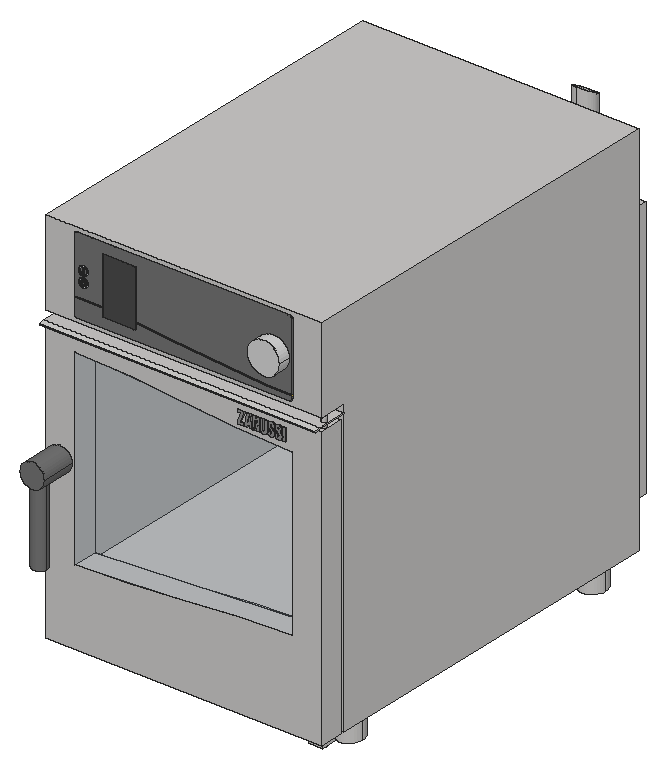
Revit family "QF_ZANUSSI_240010_ZCD061WD", category Attrezzature speciali, Revit 2023
Family settings
  Quota connettore circolare = Usa diametro
  Tipo di parte = Normale
  Basato su piano di lavoro = No
  Attiva taglio nelle viste = No
  Sempre verticale = Sì
  Taglio con vuoti quando caricato = No
  Mantieni orientamento annotazione = No
  Condiviso = Sì
  Punto di calcolo locali = No
Parameters (values of type "268252_ELECTR. COMBI OVEN 10 GN1/1 B LW-400V MAR")
  Weight = 72.00 lbm
  Watts = 0 W
  Volts = 380 V
  URL Manufacturer = "http://www.zanussiprofessional.com"
  URL = "http://www.zanussiprofessional.com"
  Steam Supply Size = 0"
  Steam Supply Minimum Pressure = 0.00 psi
  Steam Supply Maximum Pressure = 0.00 psi
  Steam Pounds per Hour = 0
  Show Logo [instance] = yes
  Refrigeration Suction Line Size = 0"
  Refrigeration Liquid Line Size = 0"
  Refrigerant Compressor Remote = yes
  Phase = 3
  Modello = "ZCD061WL"
  Produttore = "Zanussi"
  Length Actual = 519.00 mm
  Item Number = "240008"
  Hot Water Size = 3/4"
  Height Actual = 770.00 mm
  HP = "9.3 HP"
  Gas Size = 0"
  Gas KW = 0
  Gas Input Pressure = 0.0 Btu/h
  Direct Waste Size = 1.5748"
  Descrizione = "COMPACT 6GN1/1 EL. DIGITAL OVEN - W CLEANING - LEFT HINGED DOOR"
  Show Clearance [instance] = yes
  Depth Actual = 803.00 mm
  Prospetto di default = 0.00 mm
  Cycle = 50 Hz
  Condensate Return Size = 0"
  Compressed Air Volume = 0 GPM
  Compressed Air Size = 0"
  Compressed Air Pressure = 0.00 psi
  Cold Water Size = 3/4"
  Assembly Code = ""
  Accessory = no
Reference planes
  plane 1 "BACK": y = -93.694
  plane 2: z = 0
  plane 3 "LEFT": x = 197.931
  plane 4 "RIGHT": x = 717.531
  plane 5 "FRONT": y = -896.694
  plane 6 "TOP": z = 1670
  plane 7: z = 900
  plane 8: x = 457.731
  plane 9: y = -495.194
  plane 10: x = 247.731
  plane 11: x = 667.731
  plane 12: y = -195.694
  plane 13: y = -768.694
  plane 14: z = 997.5
Forms (mm)
  Extrusion 1, solid, material "QF_Finishes_Stainless Steel"
    sketch origin (992.981, 325.437, 900) x (-1, 0, 0) y (0, 0, -1)
      loop
        line (795.05, -609.932) -> (795.05, -56) -> (275.45, -56) -> (275.45, -609.932) -> (795.05, -609.932)
    from 474.534 to 1169.9
  Extrusion 2, solid, material "QF_Finishes_Stainless Steel"
    sketch origin (992.981, 325.437, 1000) x (-1, 0, 0) y (0, 0, -1)
      loop
        line (795.05, -670) -> (795.05, -510) -> (275.45, -510) -> (275.45, -670) -> (795.05, -670)
    from 474.534 to 1222.131
  Extrusion 3, solid, material "QF_Finishes_Stainless Steel"
    sketch origin (992.981, 385.437, 900) x (-1, 0, 0) y (0, 0, -1)
      loop
        line (763.47, -610) -> (763.47, -117) -> (307.03, -117) -> (307.03, -610) -> (763.47, -610)
    from 479.131 to 534.534
  Extrusion 4, void
    sketch origin (992.981, -844.463, 900) x (1, 0, 0) y (0, 0, -1)
      loop
        line (-755.05, -176.885) -> (-755.05, -577.763) -> (-315.45, -577.763) -> (-315.45, -176.885) -> (-755.05, -176.885)
    from 0 to 630
  Extrusion 5, solid, material "QF_Finishes_Stainless Steel"
    sketch origin (992.981, -149.096, 900) x (1, 0, 0) y (0, 0, -1)
      loop
        circle (-755.05, -649) r 14.886
    from 0 to 29
  Revolve 6, solid, material "QF_Finishes_Stainless Steel"
    sketch origin (593.311, -76.243, 1219.2) x (0, 1, 0) y (0, 0, 1)
      loop
        line (-64.458, 299.515) -> (-69.467, 299.515) -> (-69.467, 296.517) -> (-65.763, 296.517) -> (-69.294, 290.8) -> (-44.475, 290.8) -> (-44.475, 299.515) -> (-61.458, 299.515) -> (-61.458, 472.713) -> (-64.458, 472.713) -> (-64.458, 299.515)
      axis (-44.475, 290.8) -> (-44.475, 472.713)
    angle from 0 to 360
  Extrusion 7, void
    sketch origin (593.311, -76.243, 1219.2) x (0, -1, 0) y (0, 0, 1)
      loop
        line (64.458, 472.713) -> (24.492, 472.713) -> (24.492, 449.608) -> (64.458, 472.713)
    from -26.679 to 26.627
  Extrusion 8, solid, material "QF_Finishes_Stainless Steel"
    sketch origin (992.981, -149.096, 900) x (1, 0, 0) y (0, 0, -1)
      loop
        line (-298.761, -696.707) -> (-298.761, -620.937) -> (-503.318, -620.937) -> (-503.318, -696.707) -> (-298.761, -696.707)
    from 0 to 12.487
  Extrusion 9, solid, material "QF_Finishes_Stainless Steel"
    sketch origin (229.511, 385.437, 1017) x (0, -1, 0) y (-1, 0, 0)
      loop
        circle (500.131, -268.42) r 15
    from 0 to 19.537
  Extrusion 10, solid, material "QF_Finishes_Stainless Steel"
    sketch origin (-77.519, 285.437, 900) x (1, 0, 0) y (0, 0, 1)
      loop
        line (795.05, 585) -> (275.45, 585) -> (275.45, 56) -> (795.05, 56) -> (795.05, 585)
      loop
        line (740.697, 221.885) -> (740.697, 532.84)
        spline (740.697, 532.84) -> (706.434, 533.352) -> (672.172, 534.72) -> (637.91, 536.775) -> (603.649, 539.343) -> (569.387, 542.254) -> (535.127, 545.336) -> (500.866, 548.418) -> (466.604, 551.329) -> (432.343, 553.897) -> (398.081, 555.951) -> (363.819, 557.32) -> (329.556, 557.832)
        line (329.556, 557.832) -> (329.556, 196.893)
        spline (329.556, 196.893) -> (363.819, 197.405) -> (398.081, 198.774) -> (432.343, 200.828) -> (466.604, 203.396) -> (500.866, 206.307) -> (535.127, 209.389) -> (569.387, 212.471) -> (603.649, 215.382) -> (637.91, 217.95) -> (672.172, 220.004) -> (706.434, 221.373) -> (740.697, 221.885)
    from 1135.685 to 1182.131
  Extrusion 11, solid, material "QF_Finishes_Stainless Steel"
    sketch origin (717.531, 0, 0) x (0, 1, 0) y (0, 0, -1)
      loop
        line (-844.463, -1493.212) -> (-901.466, -1493.212) -> (-910.849, -1489.825) -> (-911.508, -1491.664) -> (-901.849, -1495.222) -> (-844.463, -1495.222) -> (-844.463, -1493.212)
    from 0 to 519.16
  Extrusion 12, solid, material "QF_Finishes_Glass"
    sketch origin (-105.148, 285.437, 947.855) x (1, 0, 0) y (0, 0, 1)
      loop
        line (768.326, 174.03) -> (768.326, 484.984)
        spline (768.326, 484.984) -> (734.063, 485.496) -> (699.801, 486.865) -> (665.539, 488.919) -> (631.278, 491.487) -> (597.017, 494.398) -> (562.756, 497.48) -> (528.495, 500.563) -> (494.234, 503.474) -> (459.972, 506.042) -> (425.711, 508.096) -> (391.448, 509.465) -> (357.185, 509.977)
        line (357.185, 509.977) -> (357.185, 149.038)
        spline (357.185, 149.038) -> (391.448, 149.55) -> (425.711, 150.918) -> (459.972, 152.972) -> (494.234, 155.541) -> (528.495, 158.451) -> (562.756, 161.534) -> (597.017, 164.616) -> (631.278, 167.527) -> (665.539, 170.095) -> (699.801, 172.149) -> (734.063, 173.518) -> (768.326, 174.03)
    from 1135.685 to 1182.131
  Extrusion 13, solid, material "QF_Door-Drawer Clearances", visible <- "Show Clearance", detail levels coarse
    sketch origin (915.462, 0, 0) x (-1, 0, 0) y (0, -1, 0)
      loop
        arc (717.531, 896.694) -> (542.616, 1219.99) -> (197.931, 1347.694) r 521.696
        line (197.931, 1347.694) -> (197.931, 896.694) -> (717.531, 896.694)
    from 956 to 1485
  Extrusion 14, solid, material "QF_Finishes_Rubber Black"
    sketch origin (-77.519, -896.694, 900) x (1, 0, 0) y (0, 0, 1)
      loop
        circle (301.755, 366.761) r 22.998
    from 0 to 65
  Extrusion 15, solid, material "QF_Finishes_Rubber Black"
    sketch origin (915.462, 0, 0) x (-1, 0, 0) y (0, -1, 0)
      loop
        circle (691.226, 944.148) r 14
    from 1105.756 to 1264.985
  Extrusion 16, solid, material "QF_Finishes_Stainless Steel"
    sketch origin (717.311, 325.437, 956) x (0, 1, 0) y (1, 0, 0)
      loop
        line (-1113.369, -77.066) -> (-1113.369, -69.925)
        arc (-1113.369, -69.925) -> (-1122.131, -49.58) -> (-1113.369, -29.235) r 28
        line (-1113.369, -29.235) -> (-1113.369, -17.065) -> (-1172.348, -17.065) -> (-1188.327, -1.085) -> (-1218.346, -1.085) -> (-1218.346, -26.095) -> (-1167.374, -77.066) -> (-1113.369, -77.066)
      loop
        circle (-1206.361, -8.07) r 5
    from 3.018 to 7.039
  Extrusion 17, solid, material "QF_Finishes_Stainless Steel"
    sketch origin (717.311, 325.437, 952.982) x (0, 1, 0) y (-1, 0, 0)
      loop
        line (-1113.369, 17.065) -> (-1113.369, 29.235)
        arc (-1113.369, 29.235) -> (-1122.131, 49.58) -> (-1113.369, 69.925) r 28
        line (-1113.369, 69.925) -> (-1113.369, 77.066) -> (-1153.603, 77.066) -> (-1153.603, 17.065) -> (-1113.369, 17.065)
    from 0 to 3.018
  Extrusion 18, solid, material "QF_Finishes_Stainless Steel"
    sketch origin (717.311, 325.437, 948.961) x (-1, 0, 0) y (0, 1, 0)
      loop
        circle (8.07, -1206.361) r 5
    from 2.998 to -7.02
  Extrusion 19, solid, material "QF_Finishes_Stainless Steel"
    sketch origin (717.311, 325.437, 948.961) x (-1, 0, 0) y (0, 1, 0)
      loop
        circle (8.07, -1206.361) r 5
    from -536.039 to -554.057
  Extrusion 20, solid, material "QF_Finishes_Handrails and Railings"
    sketch origin (985.537, -896.694, 996.743) x (-1, 0, 0) y (0, 0, -1)
      loop
        circle (358.271, -592.209) r 30
    from 1 to 23.539
Cuts and joins
  Extrusion 4 cuts Extrusion 1
  Extrusion 4 cuts Extrusion 2
  Extrusion 4 cuts Extrusion 3
  Extrusion 7 cuts Revolve 6
  joined: Extrusion 1, Extrusion 2, Extrusion 3, Extrusion 5, Revolve 6, Extrusion 8, Extrusion 9
Lines and regions (mm)
  Split face 1
    outline origin (-77.519, -896.694, 900) x (1, 0, 0) y (0, 0, 1)
      loop
        spline (329.556, 557.832) -> (363.819, 557.32) -> (398.081, 555.951) -> (432.343, 553.897) -> (466.604, 551.329) -> (500.866, 548.418) -> (535.127, 545.336) -> (569.387, 542.254) -> (603.649, 539.343) -> (637.91, 536.775) -> (672.172, 534.72) -> (706.434, 533.352) -> (740.697, 532.84)
        line (740.697, 532.84) -> (740.697, 577.832) -> (329.556, 577.832) -> (329.556, 557.832)
  Split face 2
    outline origin (-77.519, -896.694, 900) x (1, 0, 0) y (0, 0, 1)
      loop
        line (740.697, 201.885) -> (740.697, 221.885)
        spline (740.697, 221.885) -> (706.434, 221.373) -> (672.172, 220.004) -> (637.91, 217.95) -> (603.649, 215.382) -> (569.387, 212.471) -> (535.127, 209.389) -> (500.866, 206.307) -> (466.604, 203.396) -> (432.343, 200.828) -> (398.081, 198.774) -> (363.819, 197.405) -> (329.556, 196.893)
        line (329.556, 196.893) -> (329.556, 176.893)
        spline (329.556, 176.893) -> (363.819, 177.405) -> (398.081, 178.774) -> (432.343, 180.828) -> (466.604, 183.396) -> (500.866, 186.307) -> (535.127, 189.389) -> (569.387, 192.471) -> (603.649, 195.382) -> (637.91, 197.95) -> (672.172, 200.004) -> (706.434, 201.373) -> (740.697, 201.885)
  symbolic lines
    curve 1: line (197.931, -149.096, 0) -> (717.531, -149.096, 0)
    curve 2: line (197.931, -896.694, 0) -> (197.931, -149.096, 0)
    curve 3: line (717.531, -149.096, 0) -> (717.531, -896.694, 0)
    curve 4: line (223.045, -120.096, 0) -> (252.817, -120.096, 0)
    curve 5: line (223.045, -149.096, 0) -> (223.045, -120.096, 0)
    curve 6: line (252.817, -120.096, 0) -> (252.817, -149.096, 0)
    curve 7: line (229.511, -93.694, 0) -> (229.511, -120.096, 0)
    curve 8: line (229.511, -93.694, 0) -> (685.951, -93.694, 0)
    curve 9: line (685.951, -93.694, 0) -> (685.951, -136.609, 0)
    curve 10: line (694.22, -136.609, 0) -> (694.22, -149.096, 0)
    curve 11: line (694.22, -136.609, 0) -> (605.647, -136.609, 0)
    curve 12: line (581.195, -136.609, 0) -> (489.443, -136.609, 0)
    curve 13: line (489.443, -136.609, 0) -> (489.443, -149.096, 0)
    curve 14: arc (574.022, -136.609, 0) -> (593.311, -95.726, 0) -> (612.6, -136.609, 0) r 24.992
    curve 15: circle (593.311, -120.718, 0) r 19.983 normal (0, 0, -1)
    curve 16: circle (593.311, -120.718, 0) r 16.983 normal (0, 0, -1)
    curve 17: line (197.931, -896.694, 0) -> (717.531, -896.694, 0)
    curve 21: line (247.235, -961.694, 0) -> (201.238, -961.694, 0)
    curve 22: line (247.235, -896.694, 0) -> (247.235, -961.694, 0)
    curve 23: line (201.238, -961.694, 0) -> (201.238, -896.694, 0)
    curve 25: line (597.266, -920.232, 0) -> (657.266, -920.232, 0)
    curve 26: line (597.266, -896.694, 0) -> (597.266, -920.232, 0)
    curve 27: line (657.266, -920.232, 0) -> (657.266, -896.694, 0)
  symbolic lines, style "QF_Door Swings", visible <- "Show Clearance", detail levels coarse
    curve 18: line (717.531, -896.694, 0) -> (717.531, -1347.694, 0)
    curve 19: arc (717.531, -1347.694, 0) -> (398.732, -1240.915, 0) -> (211.461, -961.694, 0) r 521.192
    curve 20: line (682.531, -896.694, 0) -> (682.531, -1346.7, 0)
  symbolic lines, style "QF_Door Swings"
    curve 24: arc (201.238, -917.797, 0) -> (199.477, -907.262, 0) -> (197.931, -896.694, 0) r 521.628
Dimensions and locks
  plane 3 "LEFT" to plane 4 "RIGHT" = 519.60 mm
  plane 5 "FRONT" to plane 1 "BACK" = 803.00 mm
  plane 4 "RIGHT" to plane 3 "LEFT" = 519.60 mm
  equal spacing: plane 3 "LEFT", plane 8, plane 4 "RIGHT"
  equal spacing: plane 5 "FRONT", plane 9, plane 1 "BACK"
  locked: plane 10 to plane 3 "LEFT" at 49.8
  locked: plane 4 "RIGHT" to plane 11 at 49.8
  plane 1 "BACK" to plane 12 to plane 13 = 102.00 mm locked, 573.00 mm locked
  Extrusion 5 sketch curve to plane 3 "LEFT" = 40.00 mm
  Extrusion 5 sketch curve to plane 7 = 649.00 mm
  plane 3 "LEFT" to Extrusion 9 sketch curve = 300.00 mm
  Extrusion 9 sketch curve to plane 1 "BACK" = 21.00 mm
  aligned and locked: level to plane 2
  aligned and locked: Extrusion 1 to plane 3 "LEFT"
  aligned and locked: plane 4 "RIGHT" to Extrusion 1
  aligned and locked: plane 10 to nested 2
  aligned and locked: plane 11 to nested 1
  aligned and locked: plane 12 to nested 2
  aligned and locked: plane 12 to nested 1
  aligned and locked: plane 7 to nested 2  (x3)
  aligned and locked: plane 7 to nested 1  (x2)
Automatic sketch dimensions
  Extrusion 3 sketch curve to plane 11 = 18.22 mm
  plane 10 to Extrusion 3 sketch curve = 18.22 mm
  Extrusion 3 sketch curve to plane 14 = 19.50 mm
  plane 6 "TOP" to Extrusion 3 sketch curve = 160.00 mm
  Revolve 6 sketch curve to plane 12 = 49.984 mm
  Revolve 6 sketch curve to Revolve 6 sketch curve = 0.173 mm
  Revolve 6 sketch curve to Revolve 6 sketch curve = 3.704 mm
  plane 6 "TOP" to Revolve 6 sketch curve = 21.913 mm
  plane 1 "BACK" to Revolve 6 sketch curve = 47.007 mm
  Revolve 6 sketch curve to Revolve 6 sketch curve = 3.00 mm
  Revolve 6 sketch curve to Revolve 6 sketch curve = 16.983 mm
  Revolve 6 sketch curve to plane 6 "TOP" = 151.285 mm
  Revolve 6 sketch curve to Revolve 6 sketch curve = 0.00 mm  (x3)
  Revolve 6 sketch curve to Revolve 6 sketch curve = 2.998 mm
  Revolve 6 sketch curve to Revolve 6 sketch curve = 8.715 mm
  Revolve 6 sketch curve to Revolve 6 sketch curve = 25.00 mm
  Extrusion 7 sketch curve to plane 6 "TOP" = 1.192 mm
  plane 1 "BACK" to Extrusion 7 sketch curve = 7.041 mm
  Extrusion 7 sketch curve to Extrusion 7 sketch curve = 39.966 mm
  plane 6 "TOP" to Extrusion 7 sketch curve = 21.913 mm
  plane 5 "FRONT" to Extrusion 11 sketch curve = 14.815 mm
  Extrusion 11 sketch curve to Extrusion 11 sketch curve = 0.659 mm
  plane 5 "FRONT" to Extrusion 11 sketch curve = 5.155 mm
  Extrusion 11 sketch curve to Extrusion 11 sketch curve = 0.383 mm
  Extrusion 11 sketch curve to plane 5 "FRONT" = 52.231 mm
  Extrusion 11 sketch curve to plane 6 "TOP" = 174.778 mm
  Extrusion 11 sketch curve to Extrusion 11 sketch curve = 2.011 mm
  Extrusion 11 sketch curve to Extrusion 11 sketch curve = 1.548 mm
  Extrusion 11 sketch curve to Extrusion 11 sketch curve = 1.838 mm
  plane 10 to Extrusion 12 sketch curve = 4.306 mm
  Extrusion 12 sketch curve to plane 11 = 4.553 mm
  plane 14 to Extrusion 12 sketch curve = 99.393 mm
  plane 14 to Extrusion 12 sketch curve = 124.385 mm
  Extrusion 12 sketch curve to plane 6 "TOP" = 237.16 mm
  Extrusion 12 sketch curve to plane 6 "TOP" = 212.168 mm
  Extrusion 14 sketch curve to plane 10 = 23.495 mm
  plane 14 to Extrusion 14 sketch curve = 269.261 mm
  Extrusion 15 sketch curve to plane 10 = 23.495 mm
  plane 5 "FRONT" to Extrusion 15 sketch curve = 47.454 mm
  Extrusion 20 sketch curve to plane 11 = 40.465 mm
  Extrusion 20 sketch curve to plane 6 "TOP" = 81.048 mm
  curve 14 to curve 15 = 0.00 mm  (x2)
  curve 14 to curve 16 = 0.00 mm  (x2)
  curve 15 to curve 16 = 0.00 mm  (x2)
  curve 19 to curve 24 = 0.00 mm  (x2)
  curve 24 to plane 3 "LEFT" = 0.00 mm
  plane 5 "FRONT" to curve 23 = 0.00 mm
  plane 1 "BACK" to curve 8 = 0.00 mm
  curve 19 to plane 4 "RIGHT" = 0.00 mm
  plane 3 "LEFT" to curve 21 = 3.307 mm
  curve 4 to plane 10 = 24.686 mm
  curve 8 to plane 10 = 18.22 mm
  curve 21 to plane 10 = 0.496 mm
  plane 10 to curve 6 = 5.086 mm
  plane 8 to curve 12 = 31.712 mm
  plane 1 "BACK" to curve 16 = 27.024 mm
  curve 16 to plane 11 = 74.42 mm
  plane 5 "FRONT" to curve 25 = 23.539 mm
  curve 25 to plane 11 = 70.465 mm
  curve 25 to plane 11 = 10.465 mm
  plane 11 to curve 9 = 18.22 mm
  curve 9 to curve 10 = 8.269 mm
  curve 19 to plane 4 "RIGHT" = 2.716 mm
  curve 21 to curve 22 = 65.00 mm
  curve 18 to curve 25 = 427.461 mm
  plane 13 to curve 19 = 57.816 mm
  curve 1 to plane 12 = 46.598 mm
  curve 10 to curve 10 = 12.487 mm
  curve 13 to curve 13 = 12.487 mm
  plane 1 "BACK" to curve 4 = 26.402 mm
  curve 14 to curve 14 = 19.289 mm
  curve 14 to curve 12 = 7.173 mm
  curve 11 to curve 14 = 6.953 mm
  plane 11 to curve 20 = 14.80 mm
  Extrusion 1 sketch curve to plane 4 "RIGHT" = 0.00 mm
  Extrusion 1 sketch curve to plane 3 "LEFT" = 0.00 mm
  plane 14 to Extrusion 1 sketch curve = 41.50 mm
  plane 6 "TOP" to Extrusion 1 sketch curve = 160.068 mm
  Extrusion 2 sketch curve to plane 4 "RIGHT" = 0.00 mm
  Extrusion 2 sketch curve to plane 3 "LEFT" = 0.00 mm
  Extrusion 2 sketch curve to plane 6 "TOP" = 0.00 mm
  plane 6 "TOP" to Extrusion 2 sketch curve = 160.00 mm
  Extrusion 4 sketch curve to Extrusion 1 = 40.00 mm  (x2)
  Extrusion 4 sketch curve to Extrusion 1 = 120.885 mm
  Extrusion 4 sketch curve to Extrusion 1 = 32.168 mm
  Extrusion 8 sketch curve to Extrusion 1 = 86.775 mm
  Extrusion 1 to Extrusion 8 sketch curve = 227.868 mm
  Extrusion 8 sketch curve to Extrusion 1 = 11.006 mm
  Extrusion 1 to Extrusion 8 sketch curve = 23.311 mm
  Extrusion 10 sketch curve to plane 3 "LEFT" = 0.00 mm
  Extrusion 10 sketch curve to plane 4 "RIGHT" = 0.00 mm
  plane 10 to Extrusion 10 sketch curve = 4.306 mm
  Extrusion 10 sketch curve to plane 11 = 4.553 mm
  Extrusion 10 sketch curve to plane 14 = 41.50 mm
  plane 14 to Extrusion 10 sketch curve = 99.393 mm
  plane 14 to Extrusion 10 sketch curve = 124.385 mm
  Extrusion 10 sketch curve to plane 6 "TOP" = 237.16 mm
  Extrusion 10 sketch curve to plane 6 "TOP" = 212.168 mm
  Extrusion 10 sketch curve to Extrusion 10 sketch curve = 52.16 mm
  Extrusion 13 sketch curve to plane 4 "RIGHT" = 0.00 mm
  Extrusion 13 sketch curve to plane 3 "LEFT" = 0.00 mm
  plane 5 "FRONT" to Extrusion 13 sketch curve = 0.00 mm
  plane 4 "RIGHT" to Extrusion 13 sketch curve = 2.716 mm
  Extrusion 13 sketch curve to plane 5 "FRONT" = 451.00 mm
  Split face 1 sketch curve to Extrusion 10 = 0.00 mm  (x2)
  Split face 1 sketch curve to Extrusion 10 = 52.16 mm
  Split face 1 sketch curve to Extrusion 10 = 27.168 mm
  Split face 1 sketch curve to Extrusion 10 = 7.168 mm
  Extrusion 10 to Split face 2 sketch curve = 0.00 mm  (x2)
  Split face 2 sketch curve to Extrusion 10 = 120.893 mm
  Split face 2 sketch curve to Split face 2 sketch curve = 20.00 mm  (x2)
  Split face 2 sketch curve to Extrusion 10 = 145.885 mm
  Extrusion 16 sketch curve to plane 11 = 0.00 mm
  plane 13 to Extrusion 16 sketch curve = 0.00 mm
  plane 13 to Extrusion 16 sketch curve = 19.238 mm  (x2)
  Extrusion 16 sketch curve to Extrusion 16 sketch curve = 54.005 mm
  Extrusion 16 sketch curve to plane 4 "RIGHT" = 17.285 mm
  Extrusion 16 sketch curve to plane 5 "FRONT" = 49.783 mm
  Extrusion 16 sketch curve to plane 4 "RIGHT" = 1.305 mm
  Extrusion 16 sketch curve to Extrusion 16 sketch curve = 15.979 mm
  Extrusion 16 sketch curve to plane 5 "FRONT" = 15.77 mm
  Extrusion 16 sketch curve to plane 5 "FRONT" = 3.785 mm
  Extrusion 16 sketch curve to plane 4 "RIGHT" = 8.29 mm
  Extrusion 16 sketch curve to Extrusion 16 sketch curve = 18.025 mm
  Extrusion 16 sketch curve to Extrusion 16 sketch curve = 12.171 mm
  Extrusion 16 sketch curve to Extrusion 16 sketch curve = 7.142 mm
  Extrusion 17 sketch curve to Extrusion 16 = 0.00 mm  (x4)
  Extrusion 17 sketch curve to Extrusion 16 = 40.234 mm
  radius of Extrusion 14 sketch curve = 22.998 mm
  radius of Extrusion 15 sketch curve = 14.00 mm
  radius of Extrusion 20 sketch curve = 30.00 mm
  radius of curve 16 = 16.983 mm
  radius of Extrusion 5 sketch curve = 14.886 mm
  radius of Extrusion 9 sketch curve = 15.00 mm
  radius of Extrusion 16 sketch curve = 5.00 mm
  radius of Extrusion 17 sketch curve to Extrusion 16 = 0.00 mm
  radius of Extrusion 18 sketch curve to Extrusion 16 = 0.00 mm
  radius of Extrusion 19 sketch curve to Extrusion 16 = 0.00 mm
Nested families
  nested 1: "Foot_Ø50" at (667.731, -195.694, 900), type "Foot_Ø50"
    with H 56.00 mm
  nested 2: "Foot_Ø50" at (247.731, -195.694, 900), type "Foot_Ø50"
    with H 56.00 mm
  nested 3: "ZAN_Logo_S_Grey" at (605.466, -896.694, 1457.422) x (1, 0, 0) z (0, -1, 0), visible <- "Show Logo", type "ZAN_Logo_S_Grey"
  nested 4: "MULTISLIM_PANEL_ZAN" at (376.201, -896.694, 1871.515) x (1, 0, 0) z (0, -1, 0), type "MULTISLIM_PANEL_ZAN"
    with Show Clearance yes
  nested 5: "Foot_Ø50" at (667.731, -768.694, 900) x (-1, 0, 0) z (0, 0, 1), type "Foot_Ø50"
    with H 56.00 mm
  nested 6: "Foot_Ø50" at (247.731, -768.694, 900) x (-1, 0, 0) z (0, 0, 1), type "Foot_Ø50"
    with H 56.00 mm
Connectors
  electrical at (237.931, -120.096, 1549), driven by "Volts"
    settings: on cut or joined group 1 (Extrusion 1, Extrusion 2, Extrusion 3, Extrusion 4, Extrusion 5, Revolve 6, Extrusion 7, Extrusion 8, Extrusion 9), index 1, voltage 380 V, apparent load 0 VA, apparent load phase1 0 VA, apparent load phase2 0 VA, apparent load phase3 0 VA, power factor 1, load classification "Altro", number of poles 1, system type 30, power factor state 1, is connector primary yes, connector utility no, sub classification motor no, connector description "Electrical Connection"
  piping at (497.931, -114.694, 997.463), diameter 30
    settings: on cut or joined group 1, index 2, connector inside diameter 24", connector length 0.00 mm, flow factor 0, pipe flow 0 GPM, pressure drop 0.00 psi, fitting loss kfactor 0, connector angle 0.00°, fixture units 0, engagement length 0.00 mm, angle of deflection 0.00°, flow configuration 1, flow direction 1, fitting loss method 0, system type 20, joint type 0, gender type 0, connector reference index -1, connector utility 0, adjustable connector no, is connector primary yes, connector description "Cold Water Inlet"
Definition of nested family "Foot_Ø50"
  Parameters
    H [instance] = 50.00 mm
    Default Elevation = 0.00 mm
  Reference planes
    plane 1 "Centro (Fronte/Retro)": y = 0
    plane 2: z = 0
    plane 3 "Centro (Sinistra/Destra)": x = 0
    plane 4: z = 50
  Forms (mm)
    Revolve 1, solid
      sketch origin (255.05, 0, 608.09) x (0, 0, 1) y (-1, 0, 0)
        loop
          line (-608.09, 255.05) -> (-608.09, 230.05) -> (-558.09, 230.05) -> (-558.09, 255.05) -> (-608.09, 255.05)
        axis (-608.09, 255.05) -> (-558.09, 255.05)
      angle from 0 to 360
  Dimensions and locks
    "H": plane 4 to plane 2
    aligned and locked: level to plane 2
    aligned and locked: plane 4 to Revolve 1 sketch curve
    aligned and locked: Revolve 1 sketch curve to level
    aligned and locked: plane 3 "Centro (Sinistra/Destra)" to Revolve 1 sketch curve
  Automatic sketch dimensions
    Revolve 1 sketch curve to plane 3 "Centro (Sinistra/Destra)" = 0.00 mm
    plane 4 to Revolve 1 sketch curve = 50.00 mm
    Revolve 1 sketch curve to Revolve 1 sketch curve = 20.00 mm
    plane 3 "Centro (Sinistra/Destra)" to Revolve 1 sketch curve = 25.00 mm
Definition of nested family "ZAN_Logo_S_Grey"
  Parameters
    Default Elevation = 0.00 mm
  Reference planes
    plane 1 "Centro (Fronte/Retro)": y = 0
    plane 2: z = 0
    plane 3 "Centro (Sinistra/Destra)": x = 0
  Forms (mm)
    Extrusion 1, solid
      sketch origin (0, 0, 0) x (1, 0, 0) y (0, 1, 0)
        loop
          line (-1219.2, 1219.2) -> (-1219.2, -1219.2) -> (1219.2, -1219.2) -> (1219.2, 1219.2) -> (-1219.2, 1219.2)
      from 0 to -304.8
    Extrusion 2, solid
      sketch origin (17.793, -46.218, 0) x (-1, 0, 0) y (0, -1, 0)
        loop
          spline (-4.176, -58.079) -> (-3.496, -58.328) -> (-2.793, -58.512) -> (-2.075, -58.63) -> (-1.348, -58.682) -> (-0.619, -58.669) -> (0.106, -58.588) -> (0.818, -58.44) -> (1.512, -58.225) -> (2.18, -57.941) -> (2.817, -57.589) -> (3.414, -57.167) -> (3.966, -56.676)
          spline (3.966, -56.676) -> (4.293, -56.162) -> (4.575, -55.61) -> (4.81, -55.026) -> (5, -54.419) -> (5.146, -53.797) -> (5.247, -53.166) -> (5.304, -52.536) -> (5.318, -51.913) -> (5.288, -51.306) -> (5.217, -50.723) -> (5.103, -50.17) -> (4.949, -49.657)
          line (4.949, -49.657) -> (2.702, -46.428) -> (0.316, -44.323)
          spline (0.316, -44.323) -> (0.065, -44.115) -> (-0.195, -43.909) -> (-0.46, -43.704) -> (-0.729, -43.496) -> (-0.997, -43.282) -> (-1.263, -43.059) -> (-1.523, -42.825) -> (-1.774, -42.576) -> (-2.013, -42.309) -> (-2.238, -42.022) -> (-2.445, -41.712) -> (-2.632, -41.375)
          spline (-2.632, -41.375) -> (-2.666, -41.159) -> (-2.697, -40.934) -> (-2.722, -40.701) -> (-2.736, -40.465) -> (-2.736, -40.227) -> (-2.72, -39.989) -> (-2.682, -39.754) -> (-2.621, -39.524) -> (-2.533, -39.302) -> (-2.414, -39.091) -> (-2.261, -38.892) -> (-2.07, -38.708)
          line (-2.07, -38.708) -> (-0.245, -38.567)
          spline (-0.245, -38.567) -> (0.096, -38.8) -> (0.354, -39.074) -> (0.54, -39.381) -> (0.664, -39.716) -> (0.738, -40.073) -> (0.772, -40.445) -> (0.777, -40.825) -> (0.763, -41.208) -> (0.742, -41.588) -> (0.723, -41.957) -> (0.718, -42.309) -> (0.737, -42.638)
          line (0.737, -42.638) -> (5.65, -42.638)
          spline (5.65, -42.638) -> (5.708, -42.042) -> (5.741, -41.448) -> (5.747, -40.857) -> (5.723, -40.273) -> (5.668, -39.696) -> (5.58, -39.129) -> (5.457, -38.574) -> (5.297, -38.032) -> (5.098, -37.506) -> (4.857, -36.997) -> (4.574, -36.508) -> (4.247, -36.041)
          spline (4.247, -36.041) -> (3.844, -35.675) -> (3.409, -35.35) -> (2.946, -35.065) -> (2.458, -34.819) -> (1.949, -34.612) -> (1.421, -34.444) -> (0.88, -34.314) -> (0.326, -34.221) -> (-0.234, -34.165) -> (-0.8, -34.146) -> (-1.366, -34.163) -> (-1.93, -34.216)
          spline (-1.93, -34.216) -> (-2.526, -34.309) -> (-3.116, -34.448) -> (-3.695, -34.633) -> (-4.259, -34.861) -> (-4.801, -35.131) -> (-5.316, -35.444) -> (-5.799, -35.798) -> (-6.245, -36.191) -> (-6.648, -36.624) -> (-7.002, -37.095) -> (-7.303, -37.603) -> (-7.545, -38.146)
          spline (-7.545, -38.146) -> (-7.694, -38.815) -> (-7.792, -39.487) -> (-7.839, -40.158) -> (-7.836, -40.824) -> (-7.785, -41.482) -> (-7.685, -42.129) -> (-7.539, -42.762) -> (-7.347, -43.377) -> (-7.111, -43.97) -> (-6.83, -44.538) -> (-6.506, -45.078) -> (-6.141, -45.586)
          line (-6.141, -45.586) -> (-0.526, -50.64) -> (0.176, -51.482)
          spline (0.176, -51.482) -> (0.248, -51.66) -> (0.323, -51.843) -> (0.397, -52.03) -> (0.467, -52.22) -> (0.529, -52.412) -> (0.579, -52.605) -> (0.615, -52.798) -> (0.633, -52.989) -> (0.63, -53.179) -> (0.601, -53.366) -> (0.545, -53.55) -> (0.456, -53.728)
          spline (0.456, -53.728) -> (0.375, -53.892) -> (0.273, -54.034) -> (0.154, -54.155) -> (0.02, -54.258) -> (-0.126, -54.343) -> (-0.28, -54.412) -> (-0.441, -54.466) -> (-0.604, -54.508) -> (-0.767, -54.537) -> (-0.928, -54.556) -> (-1.082, -54.567) -> (-1.228, -54.57)
          line (-1.228, -54.57) -> (-2.632, -53.587) -> (-2.772, -50.64) -> (-7.405, -50.64)
          spline (-7.405, -50.64) -> (-7.41, -51.031) -> (-7.423, -51.432) -> (-7.44, -51.839) -> (-7.456, -52.251) -> (-7.469, -52.665) -> (-7.475, -53.079) -> (-7.468, -53.489) -> (-7.446, -53.894) -> (-7.404, -54.291) -> (-7.339, -54.679) -> (-7.247, -55.053) -> (-7.123, -55.412)
          spline (-7.123, -55.412) -> (-6.999, -55.693) -> (-6.837, -55.97) -> (-6.643, -56.244) -> (-6.422, -56.509) -> (-6.177, -56.765) -> (-5.913, -57.009) -> (-5.634, -57.238) -> (-5.346, -57.45) -> (-5.051, -57.643) -> (-4.755, -57.814) -> (-4.462, -57.96) -> (-4.176, -58.079)
        loop
          spline (-21.021, -55.552) -> (-20.633, -56.181) -> (-20.177, -56.736) -> (-19.661, -57.217) -> (-19.092, -57.627) -> (-18.478, -57.966) -> (-17.827, -58.237) -> (-17.147, -58.441) -> (-16.446, -58.578) -> (-15.73, -58.652) -> (-15.009, -58.662) -> (-14.29, -58.611) -> (-13.581, -58.5)
          spline (-13.581, -58.5) -> (-13.088, -58.407) -> (-12.595, -58.269) -> (-12.109, -58.088) -> (-11.636, -57.866) -> (-11.183, -57.605) -> (-10.756, -57.307) -> (-10.361, -56.974) -> (-10.004, -56.608) -> (-9.692, -56.211) -> (-9.431, -55.784) -> (-9.228, -55.33) -> (-9.089, -54.851)
          spline (-9.089, -54.851) -> (-8.873, -54.211) -> (-8.715, -53.559) -> (-8.615, -52.901) -> (-8.574, -52.241) -> (-8.592, -51.585) -> (-8.668, -50.938) -> (-8.802, -50.306) -> (-8.995, -49.693) -> (-9.247, -49.106) -> (-9.557, -48.55) -> (-9.925, -48.03) -> (-10.352, -47.551)
          line (-10.352, -47.551) -> (-15.546, -42.919) -> (-16.669, -41.234)
          spline (-16.669, -41.234) -> (-16.704, -41.021) -> (-16.735, -40.804) -> (-16.761, -40.583) -> (-16.778, -40.361) -> (-16.784, -40.139) -> (-16.774, -39.919) -> (-16.748, -39.701) -> (-16.7, -39.488) -> (-16.63, -39.28) -> (-16.533, -39.08) -> (-16.406, -38.889) -> (-16.248, -38.708)
          line (-16.248, -38.708) -> (-14.844, -38.427)
          spline (-14.844, -38.427) -> (-14.347, -38.545) -> (-13.969, -38.749) -> (-13.695, -39.028) -> (-13.508, -39.368) -> (-13.393, -39.757) -> (-13.335, -40.182) -> (-13.318, -40.63) -> (-13.326, -41.089) -> (-13.344, -41.546) -> (-13.356, -41.988) -> (-13.347, -42.403) -> (-13.3, -42.779)
          line (-13.3, -42.779) -> (-8.387, -42.638)
          spline (-8.387, -42.638) -> (-8.326, -42.034) -> (-8.288, -41.417) -> (-8.277, -40.794) -> (-8.299, -40.169) -> (-8.357, -39.548) -> (-8.457, -38.936) -> (-8.604, -38.339) -> (-8.803, -37.762) -> (-9.058, -37.21) -> (-9.375, -36.689) -> (-9.758, -36.204) -> (-10.212, -35.76)
          spline (-10.212, -35.76) -> (-10.793, -35.336) -> (-11.409, -34.976) -> (-12.054, -34.679) -> (-12.723, -34.445) -> (-13.409, -34.273) -> (-14.107, -34.163) -> (-14.811, -34.115) -> (-15.515, -34.127) -> (-16.213, -34.2) -> (-16.899, -34.333) -> (-17.568, -34.526) -> (-18.213, -34.777)
          spline (-18.213, -34.777) -> (-18.496, -34.897) -> (-18.783, -35.044) -> (-19.071, -35.216) -> (-19.357, -35.412) -> (-19.639, -35.629) -> (-19.915, -35.865) -> (-20.182, -36.119) -> (-20.438, -36.389) -> (-20.681, -36.672) -> (-20.907, -36.967) -> (-21.115, -37.272) -> (-21.301, -37.585)
          spline (-21.301, -37.585) -> (-21.55, -38.26) -> (-21.734, -38.948) -> (-21.854, -39.647) -> (-21.91, -40.351) -> (-21.901, -41.057) -> (-21.828, -41.761) -> (-21.69, -42.459) -> (-21.489, -43.148) -> (-21.222, -43.823) -> (-20.892, -44.48) -> (-20.497, -45.116) -> (-20.038, -45.726)
          line (-20.038, -45.726) -> (-14.142, -51.061) -> (-13.44, -52.886) -> (-14.002, -54.289) -> (-15.265, -54.57) -> (-16.669, -53.587) -> (-16.81, -50.78) -> (-21.582, -50.64)
          spline (-21.582, -50.64) -> (-21.558, -51.063) -> (-21.55, -51.491) -> (-21.554, -51.92) -> (-21.561, -52.35) -> (-21.567, -52.778) -> (-21.565, -53.201) -> (-21.547, -53.619) -> (-21.509, -54.029) -> (-21.444, -54.43) -> (-21.345, -54.818) -> (-21.206, -55.193) -> (-21.021, -55.552)
        loop
          line (-22.424, -34.216) -> (-27.337, -34.216) -> (-27.337, -58.22) -> (-22.424, -58.22) -> (-22.424, -34.216)
        loop
          line (14.213, -39.971) -> (14.213, -58.22) -> (19.126, -58.22) -> (19.126, -42.077) -> (18.845, -38.146) -> (18.424, -37.164) -> (17.442, -35.9) -> (16.459, -35.199) -> (14.494, -34.356) -> (13.511, -34.216) -> (11.265, -34.216) -> (10.142, -34.497) -> (8.458, -35.479) -> (6.493, -38.287) -> (6.352, -39.269) -> (6.352, -58.22) -> (11.265, -58.22) -> (11.265, -40.392) -> (11.827, -39.129) -> (13.371, -38.988) -> (14.213, -39.971)
        loop
          line (20.249, -58.22) -> (24.741, -58.22) -> (24.741, -42.919) -> (28.812, -58.22) -> (34.006, -58.22) -> (34.006, -34.216) -> (29.654, -34.216) -> (29.654, -50.078) -> (25.583, -34.216) -> (20.249, -34.216) -> (20.249, -58.22)
        loop
          line (50.149, -58.22) -> (62.361, -58.22) -> (62.361, -53.728) -> (55.904, -53.868) -> (62.923, -39.129) -> (62.923, -34.216) -> (50.149, -34.216) -> (50.149, -39.129) -> (57.517, -39.129) -> (50.149, -54.149) -> (50.149, -58.22)
        loop
          line (38.778, -58.22) -> (45.516, -58.22) -> (49.868, -34.216) -> (44.814, -34.216) -> (44.113, -38.848) -> (40.042, -38.848) -> (39.34, -34.216) -> (34.286, -34.216) -> (38.778, -58.22)
        loop
          line (43.551, -43.2) -> (40.744, -43.2) -> (42.147, -54.117) -> (43.551, -43.2)
      from 0 to 1.644
  Dimensions and locks
    aligned and locked: plane 2 to Extrusion 1
    aligned and locked: level to Extrusion 1
Definition of nested family "MULTISLIM_PANEL_ZAN"
  Parameters (values of type "MULTISLIM_PANEL_ZAN")
    Width = 410.00 mm
    Show Clearance [instance] = yes
    Model = "729047"
    Depth = 1.00 mm
    Height = 145.00 mm
    Default Elevation = 1219.20 mm
  Reference planes
    plane 1 "Center (Front/Back)": y = -281.515
    plane 2: z = 0
    plane 3 "Center (Left/Right)": x = 81.53
    plane 4: z = 0
    plane 5: z = 85
    plane 6: z = 249
    plane 7: z = 1056
    plane 8: z = 447
    plane 9: z = 215.443
    plane 10: x = 286.53
    plane 11: y = -354.015
    plane 12: x = -123.47
    plane 13: y = -209.015
    plane 14: x = -92.47
    plane 15: x = 255.53
    plane 16: z = -71.3
    plane 17: z = -41
    plane 18: z = -53
    plane 19: x = 260.53
    plane 20 "M1": x = 214.53
    plane 21 "M2": x = 49.53
    plane 22: y = -323.015
  Forms (mm)
    Extrusion 1, solid
      sketch origin (0, -919.2, 0) x (1, 0, 0) y (0, 1, 0)
        loop
          line (-298.47, 837.685) -> (-298.47, 389.916) -> (462.631, 389.916) -> (462.631, 837.685) -> (-298.47, 837.685)
      from 0 to -28.26
    Extrusion 2, solid
      sketch origin (0, 0, 0) x (1, 0, 0) y (0, 1, 0)
        loop
          arc (-118.47, -209.015) -> (-122.005, -210.48) -> (-123.47, -214.015) r 5
          line (-123.47, -214.015) -> (-123.47, -318.778) -> (-113.47, -318.778)
          arc (-113.47, -318.778) -> (-92.218, -318.917) -> (-70.97, -319.334) r 1624.122
          line (-70.97, -319.334) -> (-70.97, -229.015) -> (-7.97, -229.015) -> (-7.97, -322.208)
          arc (-7.97, -322.208) -> (24.191, -324.623) -> (56.297, -327.675) r 1624.122
          arc (56.297, -327.675) -> (145.763, -338.06) -> (235.763, -341.535) r 1170.719
          line (235.763, -341.535) -> (286.53, -342.422) -> (286.53, -214.015)
          arc (286.53, -214.015) -> (285.066, -210.48) -> (281.53, -209.015) r 5
          line (281.53, -209.015) -> (-118.47, -209.015)
        loop
          circle (251.065, -282.563) r 30
        loop
          circle (-106.762, -271.232) r 8.5
        loop
          circle (-106.762, -291.232) r 8.5
        loop
          circle (-106.762, -271.232) r 7
        loop
          circle (-106.762, -291.232) r 7
        loop
          circle (-106.762, -291.232) r 4.5
        loop
          circle (-106.762, -291.232) r 3
        loop
          line (-105.762, -275.192) -> (-105.762, -267.271) -> (-107.762, -267.271) -> (-107.762, -275.192) -> (-105.762, -275.192)
      from 0 to 1
    Extrusion 3, solid
      sketch origin (0, 0, 0) x (1, 0, 0) y (0, 1, 0)
        loop
          line (-70.97, -229.015) -> (-70.97, -336.015) -> (-7.97, -336.015) -> (-7.97, -229.015) -> (-70.97, -229.015)
      from 0 to 1
    Extrusion 4, solid
      sketch origin (0, 0, 0) x (1, 0, 0) y (0, 1, 0)
        loop
          circle (-106.762, -271.232) r 8.5
        loop
          circle (-106.762, -291.232) r 8.5
        loop
          circle (-106.762, -271.232) r 7
        loop
          circle (-106.762, -291.232) r 7
        loop
          circle (-106.762, -291.232) r 4.5
        loop
          circle (-106.762, -291.232) r 3
        loop
          line (-105.762, -275.192) -> (-105.762, -267.271) -> (-107.762, -267.271) -> (-107.762, -275.192) -> (-105.762, -275.192)
      from 0 to 1
    Extrusion 5, solid
      sketch origin (0, 0, 0) x (1, 0, 0) y (0, 1, 0)
        loop
          line (-123.47, -320.778) -> (-123.47, -349.015)
          arc (-123.47, -349.015) -> (-122.005, -352.551) -> (-118.47, -354.015) r 5
          line (-118.47, -354.015) -> (281.53, -354.015)
          arc (281.53, -354.015) -> (285.066, -352.551) -> (286.53, -349.015) r 5
          line (286.53, -349.015) -> (286.53, -344.422) -> (235.745, -343.535)
          arc (235.745, -343.535) -> (145.625, -340.055) -> (56.039, -329.659) r 1172.719
          arc (56.039, -329.659) -> (24.062, -326.619) -> (-7.97, -324.213) r 1622.122
          line (-7.97, -324.213) -> (-7.97, -336.334) -> (-70.97, -336.334) -> (-70.97, -321.335)
          arc (-70.97, -321.335) -> (-92.218, -320.917) -> (-113.47, -320.778) r 1622.122
          line (-113.47, -320.778) -> (-123.47, -320.778)
      from 0 to 1
    Extrusion 6, solid
      sketch origin (0, 0, 0) x (1, 0, 0) y (0, 1, 0)
        loop
          line (-123.47, -320.778) -> (-113.47, -320.778)
          arc (-113.47, -320.778) -> (-92.218, -320.917) -> (-70.97, -321.335) r 1622.122
          line (-70.97, -321.335) -> (-70.97, -319.334)
          arc (-70.97, -319.334) -> (-92.218, -318.917) -> (-113.47, -318.778) r 1624.122
          line (-113.47, -318.778) -> (-123.47, -318.778) -> (-123.47, -320.778)
        loop
          arc (-7.97, -324.213) -> (24.062, -326.619) -> (56.039, -329.659) r 1622.122
          arc (56.039, -329.659) -> (145.625, -340.055) -> (235.745, -343.535) r 1172.719
          line (235.745, -343.535) -> (286.53, -344.422) -> (286.53, -342.422) -> (235.763, -341.535)
          arc (235.763, -341.535) -> (145.763, -338.06) -> (56.297, -327.675) r 1170.719
          arc (56.297, -327.675) -> (24.191, -324.623) -> (-7.97, -322.208) r 1624.122
          line (-7.97, -322.208) -> (-7.97, -324.213)
      from 0 to 1
  Dimensions and locks
    plane 5 to plane 4 = 85.00 mm
    plane 6 to Extrusion 1 = 249.00 mm
    plane 7 to level = 1056.00 mm
    plane 8 to Extrusion 1 = 447.00 mm
    "Width": plane 12 to plane 10
    "Height": plane 13 to plane 11
    equal spacing: plane 13, plane 1 "Center (Front/Back)", plane 11
    equal spacing: plane 12, plane 3 "Center (Left/Right)", plane 10
    level to plane 16 = 71.30 mm
    level to plane 18 = 53.00 mm
    aligned and locked: plane 2 to Extrusion 1
    aligned and locked: level to Extrusion 1
  Automatic sketch dimensions
    Extrusion 1 sketch curve to Extrusion 1 sketch curve = 761.101 mm
    Extrusion 1 sketch curve to Extrusion 1 sketch curve = 447.768 mm
    Extrusion 2 sketch curve to Extrusion 2 sketch curve = 0.00 mm  (x16)
    Extrusion 2 sketch curve to plane 12 = 0.00 mm
    Extrusion 2 sketch curve to plane 13 = 0.00 mm
    Extrusion 2 sketch curve to plane 10 = 0.00 mm
    Extrusion 2 sketch curve to Extrusion 2 sketch curve = 5.00 mm
    plane 12 to Extrusion 2 sketch curve = 10.00 mm
    Extrusion 2 sketch curve to plane 1 "Center (Front/Back)" = 6.323 mm
    Extrusion 2 sketch curve to plane 14 = 15.292 mm
    Extrusion 2 sketch curve to plane 14 = 14.292 mm
    Extrusion 2 sketch curve to Extrusion 2 sketch curve = 1.00 mm
    Extrusion 2 sketch curve to Extrusion 2 sketch curve = 2.00 mm
    plane 14 to Extrusion 2 sketch curve = 21.50 mm
    Extrusion 2 sketch curve to plane 13 = 20.00 mm
    Extrusion 2 sketch curve to plane 21 "M2" = 57.50 mm
    Extrusion 2 sketch curve to plane 15 = 19.767 mm
    Extrusion 2 sketch curve to plane 15 = 19.621 mm
    Extrusion 2 sketch curve to plane 15 = 4.465 mm
    Extrusion 2 sketch curve to plane 10 = 5.00 mm
    plane 1 "Center (Front/Back)" to Extrusion 2 sketch curve = 1.048 mm
    plane 1 "Center (Front/Back)" to Extrusion 2 sketch curve = 9.716 mm
    Extrusion 2 sketch curve to plane 22 = 4.237 mm
    plane 1 "Center (Front/Back)" to Extrusion 2 sketch curve = 37.819 mm
    Extrusion 2 sketch curve to plane 22 = 0.807 mm
    plane 1 "Center (Front/Back)" to Extrusion 2 sketch curve = 60.02 mm
    plane 11 to Extrusion 2 sketch curve = 11.594 mm
    Extrusion 2 sketch curve to Extrusion 2 sketch curve = 3.96 mm  (x2)
    plane 13 to Extrusion 2 sketch curve = 1038.199 mm
    plane 14 to Extrusion 3 sketch curve = 21.50 mm
    plane 22 to Extrusion 3 sketch curve = 13.00 mm
    Extrusion 3 sketch curve to plane 21 "M2" = 57.50 mm
    Extrusion 3 sketch curve to plane 13 = 20.00 mm
    Extrusion 4 sketch curve to Extrusion 4 sketch curve = 0.00 mm  (x14)
    Extrusion 4 sketch curve to plane 1 "Center (Front/Back)" = 6.323 mm
    Extrusion 4 sketch curve to plane 14 = 15.292 mm
    Extrusion 4 sketch curve to plane 14 = 14.292 mm
    Extrusion 4 sketch curve to Extrusion 4 sketch curve = 1.00 mm
    Extrusion 4 sketch curve to Extrusion 4 sketch curve = 2.00 mm
    plane 1 "Center (Front/Back)" to Extrusion 4 sketch curve = 9.716 mm
    Extrusion 4 sketch curve to Extrusion 4 sketch curve = 3.96 mm  (x2)
    Extrusion 5 sketch curve to Extrusion 5 sketch curve = 0.00 mm  (x2)
    Extrusion 5 sketch curve to plane 12 = 0.00 mm
    Extrusion 5 sketch curve to plane 11 = 0.00 mm
    Extrusion 5 sketch curve to plane 10 = 0.00 mm
    plane 12 to Extrusion 5 sketch curve = 5.00 mm
    plane 12 to Extrusion 5 sketch curve = 10.00 mm
    Extrusion 5 sketch curve to plane 15 = 19.785 mm
    Extrusion 5 sketch curve to plane 15 = 19.621 mm
    Extrusion 5 sketch curve to plane 10 = 5.00 mm
    Extrusion 5 sketch curve to Extrusion 5 sketch curve = 4.593 mm
    plane 11 to Extrusion 5 sketch curve = 10.48 mm
    plane 13 to Extrusion 5 sketch curve = 1038.199 mm
    Extrusion 6 sketch curve to Extrusion 6 sketch curve = 0.00 mm  (x8)
    Extrusion 6 sketch curve to plane 12 = 0.00 mm
    Extrusion 6 sketch curve to plane 10 = 0.00 mm
    plane 12 to Extrusion 6 sketch curve = 10.00 mm
    Extrusion 6 sketch curve to plane 22 = 3.681 mm
    plane 14 to Extrusion 6 sketch curve = 21.50 mm
    plane 22 to Extrusion 6 sketch curve = 1.197 mm
    Extrusion 6 sketch curve to plane 21 "M2" = 57.50 mm
    plane 11 to Extrusion 6 sketch curve = 10.48 mm
    Extrusion 6 sketch curve to plane 15 = 19.785 mm
    Extrusion 6 sketch curve to Extrusion 6 sketch curve = 0.018 mm
    Extrusion 6 sketch curve to plane 15 = 19.621 mm
    Extrusion 6 sketch curve to plane 11 = 1588.885 mm
    Extrusion 6 sketch curve to Extrusion 6 sketch curve = 2.00 mm  (x2)
    Extrusion 6 sketch curve to Extrusion 6 sketch curve = 2.004 mm
    Extrusion 6 sketch curve to plane 22 = 1.68 mm
    plane 13 to Extrusion 6 sketch curve = 1038.199 mm
    plane 11 to Extrusion 6 sketch curve = 9.593 mm
    plane 14 to Extrusion 5 sketch curve = 21.50 mm
    Extrusion 5 sketch curve to plane 22 = 2.237 mm
    Extrusion 5 sketch curve to plane 22 = 1.68 mm
    plane 22 to Extrusion 5 sketch curve = 13.318 mm
    Extrusion 5 sketch curve to plane 21 "M2" = 57.50 mm
    plane 22 to Extrusion 5 sketch curve = 1.197 mm
    radius of Extrusion 2 sketch curve = 30.00 mm
    radius of Extrusion 2 sketch curve = 8.50 mm  (x2)
    radius of Extrusion 2 sketch curve = 7.00 mm  (x2)
    radius of Extrusion 2 sketch curve = 4.50 mm
    radius of Extrusion 2 sketch curve = 3.00 mm
    radius of Extrusion 4 sketch curve = 8.50 mm  (x2)
    radius of Extrusion 4 sketch curve = 7.00 mm  (x2)
    radius of Extrusion 4 sketch curve = 4.50 mm
    radius of Extrusion 4 sketch curve = 3.00 mm
